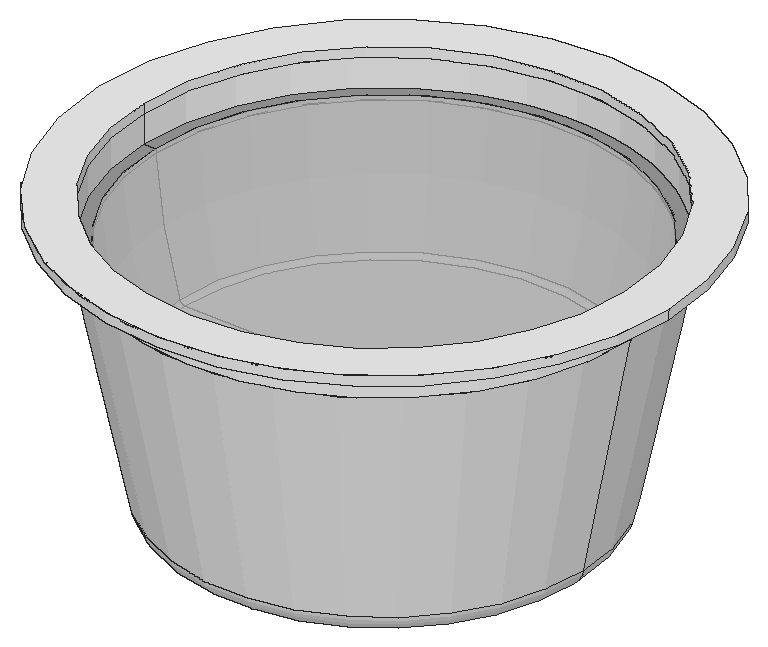
Revit family "2059224 Lighting Fixture_Sylvania_Ascent 100 Deco(160)-Very High Output_Ceiling Recessed", category Lighting Fixtures, host Face, Revit 2017
Family settings
  Host = Face
  Round Connector Dimension = Use Diameter
  Part Type = Normal
  OmniClass Number = 23.80.70.11.17
  OmniClass Title = Specialized Lighting by Location or Use
  Cut with Voids When Loaded = No
  Light Source = Yes
  Shared = No
  Room Calculation Point = No
Parameters (values of type "Asct100 Deco VHO 4K EMPRO 160")
  Reflector Radius = Radius - 14.5 mm  # 80.0 mm
  Reflector Material = Aluminium_Sylvania_Ascent_Silver
  Radius = 94.5 mm
  Life = "50 000h"  # constant formula
  IP Rating = "IP44"  # constant formula
  IK Rating = "IK02"  # constant formula
  Height = 94.0 mm
  Wattage = 1.56845 W
  built-in parameter 1150110 = 1 (stored number, unit not read)
  Voltage Comments = "UNV (Universal Voltage; 220-240 Volt)"  # constant formula
  Voltage = 240 V  # constant formula
  URL = "https://www.sylvania-lighting.com/"
  built-in parameter 1114217 = 1 (stored number, unit not read)
  Tilt Angle = -90°
  built-in parameter 1150109 = 1 (stored number, unit not read)
  built-in parameter 1150134 = 12
  built-in parameter 1150113 = 1 (stored number, unit not read)
  Product Page URL = "https://www.sylvania-lighting.com/product/en-int/products/2059224"
  Product Family = "Ascent 100 Deco (160) - Very High Output"  # constant formula
  Photometry Comments = ""
  Photometric Web File = "2059224_Asct100DecoVHO4KEMPRO160-190239.ies"
  Glow Wire Test = 850 °C
  Emit from Circle Diameter = 2 * Diffuser Radius  # 152.0 mm
  Emit Shape Visible in Rendering = no
  Drive Current = "1000mA"  # constant formula
  Diffuser Radius = Reflector Radius - 4.0 mm  # 76.0 mm
  Diffuser Material = Polycarbonate_Sylvania_Ascent_Clear
  Diameter = 2 * Radius  # 189.0 mm
  Cutout Diameter = Diameter - 11.0 mm  # 178.0 mm
  built-in parameter 1114216 [instance] = 1 (stored number, unit not read)
  Model = "Asct100 Deco VHO 4K EMPRO 160"
  Manufacturer = "Feilo-Sylvania Group"
  built-in parameter 1150105 = 73.308 (stored number, unit not read)
  Lumens = 169 lm
  built-in parameter 1150115 = 1 (stored number, unit not read)
  built-in parameter 1150137 = (empty or 0)
  built-in parameter 1150139 = (empty or 0)
  built-in parameter 1150112 = 1 (stored number, unit not read)
  built-in parameter 1150114 = 1 (stored number, unit not read)
  Lamp = "Integrated LED"
  built-in parameter 1150132 = 2
  built-in parameter 1150102 = (empty or 0)
  built-in parameter 1150107 = 4000 (stored number, unit not read)
  built-in parameter 1150138 = (empty or 0)
  built-in parameter 1150106 = 0.73308 (stored number, unit not read)
  Body Material = Aluminum_Sylvania_Ascent_White
  built-in parameter 1150104 = 10.01 (stored number, unit not read)
  Dimming Lamp Color Temperature Shift = <None>
  Description = "Direct LED retro fit for original LED 100 Deco (160) single CFL lamp offering Matching lumen levels and improved light distribution of original LED 100 CFL lamp equivalents Typically half the power consumption compared to CFL Up to 112lm/W 160mm aperture Decorative reflector accepts snap fit polycarbonate accessories from existing LED 100 Deco 160 offering New kometa accessory ring creates a diffused indirect halo of light onto the ceiling for decorative effect HE, HO and VHO versions equivalent of single 1 x 18W, 1 x 32W, 1 x 42W Additional VVHO versions which offer the performance circa 2 x 32W equivalent"  # constant formula
  Default Elevation = 0.0 mm
  Color Filter = 16777215
  Catalog Number = "2059224 Asct100 Deco VHO 4K EMPRO 160"
  built-in parameter 1140040 [instance] = 1
  built-in parameter 1114218 = 1 (stored number, unit not read)
  built-in parameter 1150133 = 10 (stored number, unit not read)
  Assembly Code = "D5020200"
  Apparent Load Comments = ""
  Apparent Load = 25 VA
  Aperture = 2 * Reflector Radius  # 160.0 mm
Reference planes
  plane 1 "Center (Front/Back)": y = 0
  plane 2: z = 0
  plane 3 "Center (Left/Right)": x = 0
  plane 4 "Fixture Bottom": z = 3
  plane 5: z = -53.5
  plane 6 "Fixture Top": z = -91
  plane 7: z = -9
  plane 8: z = -10.5
Forms (mm)
  Extrusion 1, solid, material "Aluminum_Sylvania_Ascent_White" <- "Body Material", detail levels fine
    sketch origin (0, 0, 0) x (1, 0, 0) y (0, 1, 0)
      loop
        circle (0, 0) r 94.5
      loop
        circle (0, 0) r 80
    from 0 to 3
  Extrusion 2, void
    sketch origin (0, 0, 0) x (1, 0, 0) y (0, 1, 0)
      loop
        circle (0, 0) r 89
    from -91 to 3
  Revolve 3, solid, material "Aluminum_Sylvania_Ascent_White" <- "Body Material", detail levels fine
    sketch origin (0, 0, 0) x (1, 0, 0) y (0, 0, 1)
      loop
        line (0, -89) -> (-58.456, -89)
        arc (-58.456, -89) -> (-62.232, -87.663) -> (-64.324, -84.247) r 6
        line (-64.324, -84.247) -> (-80, -10.5) -> (-80, 0) -> (-82.009, 0) -> (-82.009, -10.5) -> (-66.245, -84.663)
        arc (-66.245, -84.663) -> (-63.454, -89.217) -> (-58.42, -91) r 8
        line (-58.42, -91) -> (0, -91) -> (0, -89)
      axis (0, 0) -> (0, -91)
    angle from 0 to 360
  Revolve 4, solid, material "Aluminium_Sylvania_Ascent_Silver" <- "Reflector Material", detail levels fine
    sketch origin (0, 0, 0) x (1, 0, 0) y (0, 0, 1)
      loop
        line (-80, -9) -> (-80, -10.5) -> (-77, -10.5)
        arc (-77, -10.5) -> (-74.319, -31.239) -> (-68.971, -51.454) r 160.868
        arc (-68.971, -51.454) -> (-67.878, -52.935) -> (-66.127, -53.5) r 3
        line (-66.127, -53.5) -> (-58, -53.5)
        arc (-58, -53.5) -> (-56.855, -62.037) -> (-53.5, -69.971) r 32.394
        line (-53.5, -69.971) -> (0, -69.971) -> (0, -52.5) -> (-66.127, -52.5)
        arc (-66.127, -52.5) -> (-67.294, -52.124) -> (-68.023, -51.136) r 2
        arc (-68.023, -51.136) -> (-73.335, -31.062) -> (-76, -10.468) r 159.868
        line (-76, -10.468) -> (-76, -9) -> (-80, -9)
      axis (0, -9) -> (0, -69.971)
    angle from 0 to 360
  Extrusion 5, solid, material "Polycarbonate_Sylvania_Ascent_Clear" <- "Diffuser Material", detail levels fine
    sketch origin (0, 0, 0) x (1, 0, 0) y (0, 1, 0)
      loop
        circle (0, 0) r 76
    from -10.5 to -9
  Revolve 6, solid, material "Aluminum_Sylvania_Ascent_White" <- "Body Material", detail levels coarse+medium
    sketch origin (0, 0, 0) x (1, 0, 0) y (0, 0, 1)
      loop
        line (0, 3) -> (-94.5, 3) -> (-94.5, 0) -> (-82.009, 0) -> (-82.009, -10.5) -> (-66.245, -84.663)
        arc (-66.245, -84.663) -> (-63.454, -89.217) -> (-58.42, -91) r 8
        line (-58.42, -91) -> (0, -91) -> (0, 3)
      axis (0, 3) -> (0, -91)
    angle from 0 to 360
Cuts and joins
  joined: Extrusion 1, Revolve 3
Dimensions and locks
  plane 4 "Fixture Bottom" to plane 2 to plane 7 to plane 8 to plane 5 = 3.0 mm locked, 9.0 mm locked, 1.5 mm locked, 43.0 mm locked
  "Height": plane 4 "Fixture Bottom" to plane 6 "Fixture Top"
  "Reflector Radius": plane 3 "Center (Left/Right)" to Revolve 4 sketch curve
  "Reflector Radius": plane 3 "Center (Left/Right)" to Revolve 3 sketch curve
  locked: Revolve 3 sketch curve to Revolve 3 sketch curve at 2.009
  Revolve 4 sketch curve to Revolve 4 sketch curve = 4.0 mm
  Revolve 4 sketch curve to Revolve 4 sketch curve = 1.0 mm
  Revolve 4 sketch curve to Revolve 4 sketch curve to Revolve 4 sketch curve to Revolve 4 sketch curve to Revolve 4 sketch curve = 11.029 mm locked, 2.844 mm locked, 8.127 mm locked, 4.5 mm locked
  Revolve 3 sketch curve to Revolve 3 sketch curve to Revolve 3 sketch curve = 13.755 mm locked, 7.825 mm locked
  "Radius": plane 3 "Center (Left/Right)" to Revolve 6 sketch curve
  Revolve 6 sketch curve to Revolve 6 sketch curve to Revolve 6 sketch curve = 7.825 mm locked, 28.255 mm locked
  "Cutout Diameter": diameter of Extrusion 2 sketch curve
  "Reflector Radius": radius of Extrusion 1 sketch curve
  "Diffuser Radius": radius of Extrusion 5 sketch curve
  "Radius": radius of Extrusion 1 sketch curve
  aligned and locked: host face to plane 2
  aligned and locked: host face to level
  aligned and locked: plane 1 "Center (Front/Back)" to imposter light
  aligned and locked: plane 3 "Center (Left/Right)" to imposter light
  aligned and locked: plane 4 "Fixture Bottom" to Extrusion 1
  aligned and locked: Extrusion 1 to plane 2
  aligned and locked: Revolve 3 sketch curve to plane 3 "Center (Left/Right)"  (x2)
  aligned and locked: Revolve 4 sketch curve to plane 3 "Center (Left/Right)"  (x2)
  aligned and locked: plane 2 to Revolve 3 sketch curve
  aligned and locked: plane 6 "Fixture Top" to Extrusion 2
  aligned and locked: Revolve 3 sketch curve to plane 2
  aligned and locked: plane 8 to Revolve 3 sketch curve  (x2)
  aligned and locked: plane 7 to Revolve 4 sketch curve
  aligned and locked: Revolve 4 sketch curve to plane 8
  aligned and locked: imposter light to Extrusion 2
  aligned and locked: plane 7 to Extrusion 5
  aligned and locked: Extrusion 5 to plane 8
  aligned and locked: imposter light to plane 4 "Fixture Bottom"
  aligned and locked: Revolve 3 sketch curve to plane 6 "Fixture Top"
  aligned and locked: Revolve 6 sketch curve to plane 4 "Fixture Bottom"
Automatic sketch dimensions
  plane 1 "Center (Front/Back)" to Extrusion 2 sketch curve = 0.0 mm
  Extrusion 2 sketch curve to plane 3 "Center (Left/Right)" = 0.0 mm
  Extrusion 1 sketch curve to Extrusion 1 sketch curve = 0.0 mm  (x2)
  plane 1 "Center (Front/Back)" to Extrusion 1 sketch curve = 0.0 mm
  Extrusion 1 sketch curve to plane 3 "Center (Left/Right)" = 0.0 mm
  plane 1 "Center (Front/Back)" to Extrusion 5 sketch curve = 0.0 mm
  Extrusion 5 sketch curve to plane 3 "Center (Left/Right)" = 0.0 mm
  host sketch curve to host sketch curve = 1368.192 mm
  host sketch curve to host sketch curve = 1600.367 mm
  Revolve 4 sketch curve to plane 5 = 0.0 mm
  Revolve 4 sketch curve to plane 5 = 16.471 mm
  plane 8 to Revolve 4 sketch curve = 0.032 mm
  Revolve 4 sketch curve to Revolve 4 sketch curve = 0.0 mm  (x5)
  Revolve 4 sketch curve to level = 0.289 mm
  Revolve 4 sketch curve to Revolve 4 sketch curve = 2.387 mm
  plane 4 "Fixture Bottom" to Revolve 4 sketch curve = 9.642 mm
  Revolve 4 sketch curve to Revolve 4 sketch curve = 0.948 mm
  Revolve 3 sketch curve to plane 6 "Fixture Top" = 6.753 mm
  Revolve 3 sketch curve to plane 6 "Fixture Top" = 2.0 mm
  Revolve 3 sketch curve to plane 6 "Fixture Top" = 6.337 mm
  Revolve 3 sketch curve to Revolve 3 sketch curve = 1.921 mm
  Revolve 3 sketch curve to Revolve 3 sketch curve = 0.036 mm
  plane 6 "Fixture Top" to Revolve 3 sketch curve = 33.569 mm
  plane 4 "Fixture Bottom" to Revolve 3 sketch curve = 82.431 mm
  Revolve 6 sketch curve to plane 8 = 0.0 mm
  Revolve 6 sketch curve to plane 6 "Fixture Top" = 0.0 mm
  Revolve 6 sketch curve to plane 6 "Fixture Top" = 6.337 mm
  Revolve 6 sketch curve to plane 3 "Center (Left/Right)" = 0.0 mm
  Revolve 6 sketch curve to Revolve 6 sketch curve = 12.491 mm
  plane 6 "Fixture Top" to Revolve 6 sketch curve = 33.569 mm
  plane 4 "Fixture Bottom" to Revolve 6 sketch curve = 82.431 mm
  plane 3 "Center (Left/Right)" to Revolve 6 sketch curve = 0.0 mm
  Revolve 6 sketch curve to level = 0.0 mm
Connectors
  electrical at (0, 0, -91), driven by "Voltage", driven by "Apparent Load"
    settings: index 1, voltage 240 V, apparent load 0 VA, apparent load phase1 25 VA, apparent load phase2 0 VA, apparent load phase3 0 VA, power factor 1, load classification "Lighting", number of poles 1, system type 31, power factor state 1, is connector primary yes, connector utility no, sub classification motor no, connector description ""
